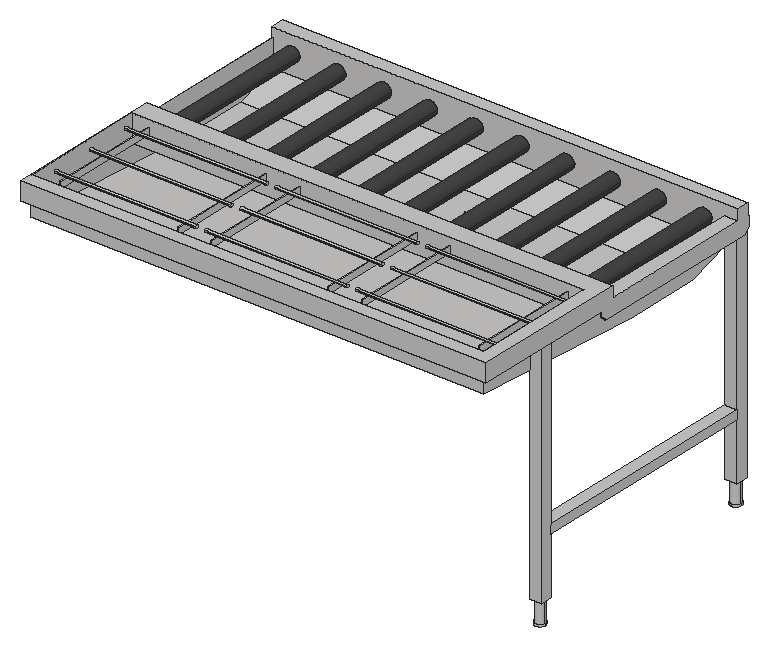
Revit family "QF_ELECTROLUXPROFESSIONAL_865207_HSMSS6LR", category Specialty Equipment, Revit 2018
Family settings
  Round Connector Dimension = Use Diameter
  Part Type = Normal
  Work Plane-Based = No
  Always vertical = Yes
  Cut with Voids When Loaded = No
  Shared = No
  Room Calculation Point = No
Parameters
  Weight = 0.00 kg
  Watts = 0 W
  Volts = 0 V
  URL Manufacturer = ""
  Steam Supply Size = 0 mm
  Steam Supply Minimum Pressure = 0.0 Pa
  Steam Supply Maximum Pressure = 0.0 Pa
  Steam Pounds per Hour = 0
  Refrigeration Suction Line Size = 0 mm
  Refrigeration Liquid Line Size = 0 mm
  Refrigerant Compressor Remote = yes
  Phase = 0
  Length Actual = 0 mm
  Item Number = ""
  Hot Water Size = 0 mm
  Height Actual = 0 mm
  HP = ""
  Gas Size = 0 mm
  Gas KW = 0
  Gas Input Pressure = 0 W
  Depth Actual = 0 mm
  Cycle = 0 Hz
  Condensate Return Size = 0 mm
  Compressed Air Volume = 0.0 L/s
  Compressed Air Size = 0 mm
  Compressed Air Pressure = 0.0 Pa
  Cold Water Size = 0 mm
  Accessory = yes
Reference planes
  plane 1: z = 0
  plane 2 "RIGHT": x = 300
  plane 3: z = 910
  plane 4: z = 0
  plane 5: z = 300
  plane 6 "BACK": y = 310
  plane 7 "FRONT": y = -800
  plane 8 "LEFT": x = -1276.3
  plane 9 "Center": y = 0
Forms (mm)
  Extrusion 1, solid, material "QF_Finishes_Stainless Steel"
    sketch origin (0, 0, 0) x (-1, 0, 0) y (0, -1, 0)
      loop
        line (1276.3, 800) -> (-300, 800) -> (-300, 265) -> (-255, 265) -> (-255, 755) -> (1276.3, 755) -> (1276.3, 800)
      loop
        line (1276.3, -265) -> (-300, -265) -> (-300, -310) -> (1276.3, -310) -> (1276.3, -265)
    from 850.091 to 910
  Extrusion 2, solid, material "QF_Finishes_Stainless Steel"
    sketch origin (0, 0, 0) x (0, 1, 0) y (0, 0, -1)
      loop
        line (-756.248, -850.091) -> (-755, -850.091) -> (-755, -784.848) -> (-131.111, -741.138) -> (130.374, -741.138) -> (265, -784.879) -> (265, -850.091) -> (266.249, -850.091) -> (266.249, -782.13) -> (130.849, -738.138) -> (-131.216, -738.138) -> (-756.248, -781.928) -> (-756.248, -850.091)
    from -255 to 1275
  Revolve 3, solid, material "QF_Finishes_Stainless Steel"
    sketch origin (-510, 0.526, -123.199) x (-1, 0, 0) y (0, 0, -1)
      loop
        line (76.494, -861.337) -> (76.494, -847.59)
        arc (76.494, -847.59) -> (75.89, -845.987) -> (74.39, -845.16) r 2.474
        arc (74.39, -845.16) -> (71.083, -841.301) -> (74.377, -837.43) r 3.913
        arc (74.377, -837.43) -> (75.887, -836.598) -> (76.494, -834.985) r 2.49
        line (76.494, -834.985) -> (76.494, -794.661)
        arc (76.494, -794.661) -> (65.844, -763.962) -> (38.457, -746.476) r 49.516
        line (38.457, -746.476) -> (38.457, -743.987) -> (37.25, -742.336) -> (37.25, -740.749) -> (23.47, -734.749) -> (23.47, -698.838) -> (21.946, -697.377) -> (0, -697.377) -> (0, -861.337) -> (76.494, -861.337)
      axis (0, -861.337) -> (0, -697.377)
    angle from 0 to 360
  Extrusion 4, solid, material "QF_Finishes_Stainless Steel"
    sketch origin (0, 0, 0) x (-1, 0, 0) y (0, -1, 0)
      loop
        line (-255, 330.124) -> (-255, 265) -> (1275, 265) -> (1275, 330.124) -> (-255, 330.124)
    from 820 to 910
  Extrusion 5, solid, material "QF_Finishes_Stainless Steel"
    sketch origin (-1276.3, 310, 0) x (0, -1, 0) y (0, 0, 1)
      loop
        line (1066.248, 781.928) -> (1066.248, 910) -> (575, 910) -> (575, 875) -> (45, 875) -> (45, 850.091) -> (43.751, 850.091) -> (43.751, 782.13) -> (179.151, 738.138) -> (441.216, 738.138) -> (1066.248, 781.928)
    from 0 to -1.3
  Extrusion 6, solid, material "QF_Finishes_Stainless Steel"
    sketch origin (257, 0, 0) x (0, 1, 0) y (0, 0, 1)
      loop
        line (-756.248, 850.091) -> (-756.248, 781.928) -> (-131.216, 738.138) -> (130.849, 738.138) -> (266.249, 782.13) -> (266.249, 850.091) -> (265, 850.091) -> (265, 875) -> (-265, 875) -> (-265, 850.091) -> (-756.248, 850.091)
    from 0 to -2
  Extrusion 7, solid, material "QF_Finishes_Stainless Steel"
    sketch origin (-1026, 0.054, -599.081) x (1, 0, 0) y (0, 1, 0)
      loop
        line (1283, 266.195) -> (1283, -521.792) -> (1323, -521.792) -> (1323, 266.195) -> (1283, 266.195)
    from 869.081 to 899.081
  Extrusion 8, solid, material "QF_Finishes_Black"
    sketch origin (0, -2.5, 0) x (-1, 0, 0) y (0, 0, 1)
      loop
        circle (1207.529, 850.047) r 25
      loop
        circle (1052.523, 850.047) r 25
      loop
        circle (897.516, 850.047) r 25
      loop
        circle (742.51, 850.047) r 25
      loop
        circle (587.503, 850.047) r 25
      loop
        circle (432.497, 850.047) r 25
      loop
        circle (277.49, 850.047) r 25
      loop
        circle (122.484, 850.047) r 25
      loop
        circle (-32.523, 850.047) r 25
      loop
        circle (-187.529, 850.047) r 25
    from -262.5 to 267.5
  Extrusion 9, solid, material "QF_Finishes_Stainless Steel"
    sketch origin (0, -7.263, 2.863) x (-1, 0, 0) y (0, -1, 0)
      loop
        line (-200.029, 694.438) -> (-200.029, 322.861) -> (-196.981, 322.861) -> (-196.981, 694.438) -> (-200.029, 694.438)
      loop
        line (196.981, 694.438) -> (196.981, 322.861) -> (200.029, 322.861) -> (200.029, 694.438) -> (196.981, 694.438)
      loop
        line (1220.049, 694.438) -> (1217.001, 694.438) -> (1217.001, 322.861) -> (1220.049, 322.861) -> (1220.049, 694.438)
      loop
        line (823.039, 694.438) -> (819.991, 694.438) -> (819.991, 322.861) -> (823.039, 322.861) -> (823.039, 694.438)
      loop
        line (710.007, 694.438) -> (707.023, 694.438) -> (707.023, 322.861) -> (710.007, 322.861) -> (710.007, 694.438)
      loop
        line (312.997, 694.438) -> (310.013, 694.438) -> (310.013, 322.861) -> (312.997, 322.861) -> (312.997, 694.438)
    from 860 to 881.896
  Extrusion 10, solid, material "QF_Finishes_Stainless Steel"
    sketch origin (-2327.512, 265, 0) x (0, 1, 0) y (0, 0, 1)
      loop
        circle (-937.158, 888.745) r 3.985
      loop
        circle (-788.819, 888.745) r 3.985
      loop
        circle (-640.48, 888.745) r 3.985
    from 1067.5 to 1547.5
  Extrusion 11, solid, material "QF_Finishes_Stainless Steel"
    sketch origin (-1817.533, 265, 0) x (0, 1, 0) y (0, 0, 1)
      loop
        circle (-937.158, 888.745) r 3.985
      loop
        circle (-788.819, 888.745) r 3.985
      loop
        circle (-640.48, 888.745) r 3.985
    from 1067.5 to 1547.5
  Extrusion 12, solid, material "QF_Finishes_Stainless Steel"
    sketch origin (-1307.491, 265, 0) x (0, 1, 0) y (0, 0, 1)
      loop
        circle (-937.158, 888.745) r 3.985
      loop
        circle (-788.819, 888.745) r 3.985
      loop
        circle (-640.48, 888.745) r 3.985
    from 1067.5 to 1547.5
  Extrusion 13, solid, material "QF_Finishes_Stainless Steel"
    sketch origin (747.022, 52.5, 0) x (0, 1, 0) y (0, 0, 1)
      loop
        line (-362.5, 835) -> (-347.5, 820) -> (242.5, 820) -> (257.5, 835) -> (257.5, 850.091) -> (212.5, 850.091) -> (212.5, 875) -> (-317.5, 875) -> (-317.5, 850.091) -> (-362.5, 850.091) -> (-362.5, 835)
    from -450 to -447.022
  Extrusion 14, solid, material "QF_Finishes_Stainless Steel"
    sketch origin (-2300, 265, 0) x (1, 0, 0) y (0, 0, 1)
      loop
        line (2597.022, 875) -> (2557, 875) -> (2557, 872) -> (2597.022, 872) -> (2597.022, 875)
    from 0 to 530
Cuts and joins
  joined: Extrusion 1, Extrusion 2, Revolve 3, Extrusion 4, Extrusion 5, Extrusion 6, Extrusion 9, Extrusion 10, Extrusion 11, Extrusion 12, Extrusion 13, Extrusion 14
Lines and regions (mm)
  Split face 1
    outline origin (-386.315, -0.079, 741.138) x (-1, 0, 0) y (0, -1, 0)
      loop
        circle (123.685, -0.035) r 73.783
  Split face 2
    outline origin (-386.315, -0.079, 741.138) x (-1, 0, 0) y (0, -1, 0)
      loop
        circle (123.685, -0.035) r 66.01
  Split face 3
    outline origin (-386.315, -0.079, 741.138) x (-1, 0, 0) y (0, -1, 0)
      loop
        circle (123.685, -0.035) r 53.774
  Split face 4
    outline origin (-386.315, -0.079, 741.138) x (-1, 0, 0) y (0, -1, 0)
      loop
        circle (123.685, -0.035) r 50.771
  Split face 5
    outline origin (-386.315, -0.079, 741.138) x (-1, 0, 0) y (0, -1, 0)
      loop
        circle (123.685, -0.035) r 33.793
  Split face 6
    outline origin (-386.315, -0.079, 741.138) x (-1, 0, 0) y (0, -1, 0)
      loop
        circle (123.685, -0.035) r 30.826
  Split face 7
    outline origin (-386.315, -0.079, 741.138) x (-1, 0, 0) y (0, -1, 0)
      loop
        circle (123.685, -0.035) r 13.843
  Split face 8
    outline origin (-386.315, -0.079, 741.138) x (-1, 0, 0) y (0, -1, 0)
      loop
        circle (123.685, -0.035) r 10.833
  symbolic lines
    curve 1: line (-1276.3, 310, 0) -> (300, 310, 0)
    curve 2: line (-1276.3, -800, 0) -> (-1276.3, 310, 0)
    curve 3: line (300, -800, 0) -> (-1276.3, -800, 0)
    curve 4: line (300, 310, 0) -> (300, -800, 0)
    curve 5: line (-1276.3, 265, 0) -> (300, 265, 0)
    curve 6: line (255, -755, 0) -> (-1276.3, -755, 0)
    curve 7: line (-1276.3, -265, 0) -> (300, -265, 0)
    curve 8: line (255, -330.124, 0) -> (-1276.3, -330.124, 0)
    curve 9: line (-1260.012, -371.495, 0) -> (-1260.012, -379.465, 0)
    curve 10: line (-1260.012, -379.465, 0) -> (-780.012, -379.465, 0)
    curve 11: line (-780.012, -379.465, 0) -> (-780.012, -371.495, 0)
    curve 12: line (-780.012, -371.495, 0) -> (-1260.012, -371.495, 0)
    curve 13: line (-1260.012, -519.834, 0) -> (-1260.012, -527.804, 0)
    curve 14: line (-1260.012, -527.804, 0) -> (-780.012, -527.804, 0)
    curve 15: line (-780.012, -527.804, 0) -> (-780.012, -519.834, 0)
    curve 16: line (-780.012, -519.834, 0) -> (-1260.012, -519.834, 0)
    curve 17: line (-1260.012, -668.173, 0) -> (-1260.012, -676.143, 0)
    curve 18: line (-1260.012, -676.143, 0) -> (-780.012, -676.143, 0)
    curve 19: line (-780.012, -676.143, 0) -> (-780.012, -668.173, 0)
    curve 20: line (-780.012, -668.173, 0) -> (-1260.012, -668.173, 0)
    curve 21: line (-1220.049, -330.124, 0) -> (-1220.049, -371.495, 0)
    curve 22: line (-1217.001, -330.124, 0) -> (-1217.001, -371.495, 0)
    curve 23: line (-1220.049, -379.465, 0) -> (-1220.049, -519.834, 0)
    curve 24: line (-1220.049, -701.7, 0) -> (-1220.049, -676.143, 0)
    curve 25: line (-1220.049, -701.7, 0) -> (-1217.001, -701.7, 0)
    curve 26: line (-1217.001, -701.7, 0) -> (-1217.001, -676.143, 0)
    curve 27: line (-1220.049, -668.173, 0) -> (-1220.049, -527.804, 0)
    curve 28: line (-1217.001, -527.804, 0) -> (-1217.001, -668.173, 0)
    curve 29: line (-1217.001, -519.834, 0) -> (-1217.001, -379.465, 0)
    curve 30: line (-823.039, -330.124, 0) -> (-823.039, -371.495, 0)
    curve 31: line (-819.992, -330.124, 0) -> (-819.992, -371.495, 0)
    curve 32: line (-823.039, -379.465, 0) -> (-823.039, -519.834, 0)
    curve 33: line (-823.039, -701.7, 0) -> (-823.039, -676.143, 0)
    curve 34: line (-823.039, -701.7, 0) -> (-819.992, -701.7, 0)
    curve 35: line (-819.992, -701.7, 0) -> (-819.992, -676.143, 0)
    curve 36: line (-823.039, -668.173, 0) -> (-823.039, -527.804, 0)
    curve 37: line (-819.992, -527.804, 0) -> (-819.992, -668.173, 0)
    curve 38: line (-819.992, -519.834, 0) -> (-819.992, -379.465, 0)
    curve 39: line (-750.033, -371.495, 0) -> (-750.033, -379.465, 0)
    curve 40: line (-750.033, -379.465, 0) -> (-270.033, -379.465, 0)
    curve 41: line (-270.033, -379.465, 0) -> (-270.033, -371.495, 0)
    curve 42: line (-270.033, -371.495, 0) -> (-750.033, -371.495, 0)
    curve 43: line (-750.033, -519.834, 0) -> (-750.033, -527.804, 0)
    curve 44: line (-750.033, -527.804, 0) -> (-270.033, -527.804, 0)
    curve 45: line (-270.033, -527.804, 0) -> (-270.033, -519.834, 0)
    curve 46: line (-270.033, -519.834, 0) -> (-750.033, -519.834, 0)
    curve 47: line (-750.033, -668.173, 0) -> (-750.033, -676.143, 0)
    curve 48: line (-750.033, -676.143, 0) -> (-270.033, -676.143, 0)
    curve 49: line (-270.033, -676.143, 0) -> (-270.033, -668.173, 0)
    curve 50: line (-270.033, -668.173, 0) -> (-750.033, -668.173, 0)
    curve 51: line (-710.071, -330.124, 0) -> (-710.071, -371.495, 0)
    curve 52: line (-707.023, -330.124, 0) -> (-707.023, -371.495, 0)
    curve 53: line (-710.071, -379.465, 0) -> (-710.071, -519.834, 0)
    curve 54: line (-710.071, -701.7, 0) -> (-710.071, -676.143, 0)
    curve 55: line (-710.071, -701.7, 0) -> (-707.023, -701.7, 0)
    curve 56: line (-707.023, -701.7, 0) -> (-707.023, -676.143, 0)
    curve 57: line (-710.071, -668.173, 0) -> (-710.071, -527.804, 0)
    curve 58: line (-707.023, -527.804, 0) -> (-707.023, -668.173, 0)
    curve 59: line (-707.023, -519.834, 0) -> (-707.023, -379.465, 0)
    curve 60: line (-313.061, -330.124, 0) -> (-313.061, -371.495, 0)
    curve 61: line (-310.013, -330.124, 0) -> (-310.013, -371.495, 0)
    curve 62: line (-313.061, -379.465, 0) -> (-313.061, -519.834, 0)
    curve 63: line (-313.061, -701.7, 0) -> (-313.061, -676.143, 0)
    curve 64: line (-313.061, -701.7, 0) -> (-310.013, -701.7, 0)
    curve 65: line (-310.013, -701.7, 0) -> (-310.013, -676.143, 0)
    curve 66: line (-313.061, -668.173, 0) -> (-313.061, -527.804, 0)
    curve 67: line (-310.013, -527.804, 0) -> (-310.013, -668.173, 0)
    curve 68: line (-310.013, -519.834, 0) -> (-310.013, -379.465, 0)
    curve 69: line (-239.991, -371.495, 0) -> (-239.991, -379.465, 0)
    curve 70: line (-239.991, -379.465, 0) -> (240.009, -379.465, 0)
    curve 71: line (240.009, -379.465, 0) -> (240.009, -371.495, 0)
    curve 72: line (240.009, -371.495, 0) -> (-239.991, -371.495, 0)
    curve 73: line (-239.991, -519.834, 0) -> (-239.991, -527.804, 0)
    curve 74: line (-239.991, -527.804, 0) -> (240.009, -527.804, 0)
    curve 75: line (240.009, -527.804, 0) -> (240.009, -519.834, 0)
    curve 76: line (240.009, -519.834, 0) -> (-239.991, -519.834, 0)
    curve 77: line (-239.991, -668.173, 0) -> (-239.991, -676.143, 0)
    curve 78: line (-239.991, -676.143, 0) -> (240.009, -676.143, 0)
    curve 79: line (240.009, -676.143, 0) -> (240.009, -668.173, 0)
    curve 80: line (240.009, -668.173, 0) -> (-239.991, -668.173, 0)
    curve 81: line (-200.029, -330.124, 0) -> (-200.029, -371.495, 0)
    curve 82: line (-196.981, -330.124, 0) -> (-196.981, -371.495, 0)
    curve 83: line (-200.029, -379.465, 0) -> (-200.029, -519.834, 0)
    curve 84: line (-200.029, -701.7, 0) -> (-200.029, -676.143, 0)
    curve 85: line (-200.029, -701.7, 0) -> (-196.981, -701.7, 0)
    curve 86: line (-196.981, -701.7, 0) -> (-196.981, -676.143, 0)
    curve 87: line (-200.029, -668.173, 0) -> (-200.029, -527.804, 0)
    curve 88: line (-196.981, -527.804, 0) -> (-196.981, -668.173, 0)
    curve 89: line (-196.981, -519.834, 0) -> (-196.981, -379.465, 0)
    curve 90: line (196.981, -330.124, 0) -> (196.981, -371.495, 0)
    curve 91: line (200.029, -330.124, 0) -> (200.029, -371.495, 0)
    curve 92: line (196.981, -379.465, 0) -> (196.981, -519.834, 0)
    curve 93: line (196.981, -701.7, 0) -> (196.981, -676.143, 0)
    curve 94: line (196.981, -701.7, 0) -> (200.029, -701.7, 0)
    curve 95: line (200.029, -701.7, 0) -> (200.029, -676.143, 0)
    curve 96: line (196.981, -668.173, 0) -> (196.981, -527.804, 0)
    curve 97: line (200.029, -527.804, 0) -> (200.029, -668.173, 0)
    curve 98: line (200.029, -519.834, 0) -> (200.029, -379.465, 0)
    curve 99: line (-1232.529, 265, 0) -> (-1232.529, -265, 0)
    curve 100: line (-1182.529, -265, 0) -> (-1182.529, 265, 0)
    curve 101: line (-1077.523, 265, 0) -> (-1077.523, -265, 0)
    curve 102: line (-1027.523, -265, 0) -> (-1027.523, 265, 0)
    curve 103: line (-922.516, 265, 0) -> (-922.516, -265, 0)
    curve 104: line (-872.516, -265, 0) -> (-872.516, 265, 0)
    curve 105: line (-767.51, 265, 0) -> (-767.51, -265, 0)
    curve 106: line (-717.51, -265, 0) -> (-717.51, 265, 0)
    curve 107: line (-612.503, 265, 0) -> (-612.503, -265, 0)
    curve 108: line (-562.503, -265, 0) -> (-562.503, 265, 0)
    curve 109: line (-457.497, 265, 0) -> (-457.497, -265, 0)
    curve 110: line (-407.497, -265, 0) -> (-407.497, 265, 0)
    curve 111: line (-302.49, 265, 0) -> (-302.49, -265, 0)
    curve 112: line (-252.49, -265, 0) -> (-252.49, 265, 0)
    curve 113: line (-147.484, 265, 0) -> (-147.484, -265, 0)
    curve 114: line (-97.484, -265, 0) -> (-97.484, 265, 0)
    curve 115: line (7.523, 265, 0) -> (7.523, -265, 0)
    curve 116: line (57.523, -265, 0) -> (57.523, 265, 0)
    curve 117: line (162.529, 265, 0) -> (162.529, -265, 0)
    curve 118: line (212.529, -265, 0) -> (212.529, 265, 0)
    curve 119: line (255, -755, 0) -> (255, -330.124, 0)
    curve 120: line (255, 265, 0) -> (255, -265, 0)
    curve 121: line (300, 0, 0) -> (270, 0, 0)
    curve 122: line (-1276.3, 0, 0) -> (-1246.3, 0, 0)
    curve 123: arc (-433.504, 0.526, 0) -> (-510, -75.97, 0) -> (-586.496, 0.526, 0) r 76.496
    curve 124: arc (-586.496, 0.526, 0) -> (-510, 77.021, 0) -> (-433.504, 0.526, 0) r 76.496
    curve 125: arc (-488.054, 0.526, 0) -> (-510, 22.472, 0) -> (-531.946, 0.526, 0) r 21.946
    curve 126: arc (-531.946, 0.526, 0) -> (-510, -21.421, 0) -> (-488.054, 0.526, 0) r 21.946
Dimensions and locks
  plane 3 to level = 910 mm
  plane 8 "LEFT" to plane 2 "RIGHT" = 1576.3 mm
  aligned and locked: level to plane 1
Nested families
  nested 1: "Foot_40x40" at (277, -541.738, 0) x (-1, 0, 0) z (0, 0, 1), type "Foot_40x40"
    with A 850.091 mm
  nested 2: "Foot_40x40" at (277, 286.249, 0) x (-1, 0, 0) z (0, 0, 1), type "Foot_40x40"
    with A 850.091 mm
Connectors
  piping at (-510, 0.526, 574.178), diameter 30
    settings: on cut or joined group of Extrusion 1, Extrusion 2, Revolve 3, Extrusion 4, Extrusion 5, Extrusion 6, Extrusion 9, Extrusion 10, Extrusion 11, Extrusion 12, Extrusion 13, Extrusion 14, index 1, connector inside diameter 609.6 mm, connector length 0 mm, flow factor 0, pipe flow 0.0 L/s, pressure drop 0.0 Pa, fitting loss kfactor 0, connector angle 0.00°, fixture units 0, engagement length 0 mm, angle of deflection 0.00°, flow configuration 1, flow direction 2, fitting loss method 0, system type 16, joint type 0, gender type 0, connector reference index -1, connector utility 0, adjustable connector no, is connector primary yes, connector description "Drain"
Definition of nested family "Foot_40x40"
  Parameters
    A [instance] = 850 mm
  Reference planes
    plane 1 "Centro (Fronte/Retro)": y = 0
    plane 2: z = 0
    plane 3 "Centro (Sinistra/Destra)": x = 0
    plane 4: z = 850
  Forms (mm)
    Extrusion 1, solid
      sketch origin (0, 0, 0) x (1, 0, 0) y (0, 1, 0)
        loop
          circle (0, 0) r 18
      from 0 to 5
    Extrusion 2, solid
      sketch origin (0, 0, 5) x (1, 0, 0) y (0, 1, 0)
        loop
          circle (0, 0) r 15
      from 0 to 70
    Extrusion 3, solid
      sketch origin (0, 0, 75) x (1, 0, 0) y (0, 1, 0)
        loop
          line (-20, 20) -> (-20, -20) -> (20, -20) -> (20, 20) -> (-20, 20)
      from 0 to 775
  Dimensions and locks
    "A": plane 4 to plane 2
    aligned and locked: level to plane 2
    aligned and locked: plane 4 to Extrusion 3
    aligned and locked: Extrusion 1 to level
  Automatic sketch dimensions
    plane 1 "Centro (Fronte/Retro)" to Extrusion 1 sketch curve = 0 mm
    Extrusion 1 sketch curve to plane 3 "Centro (Sinistra/Destra)" = 0 mm
    Extrusion 3 sketch curve to Extrusion 3 sketch curve = 40 mm  (x2)
    radius of Extrusion 1 sketch curve = 18 mm
    radius of Extrusion 2 sketch curve to Extrusion 1 = 3 mm
